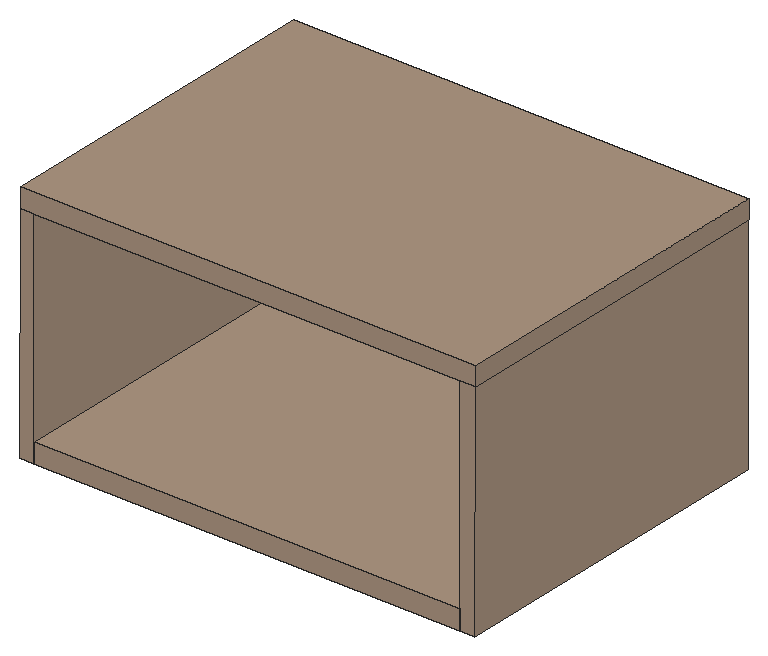
Revit family "Storage-Teknion-PLACW_Add_On_Storage_Cabinet_Wood-R2015", category Furniture, Revit 2015
Parameters (values of type "On Top of Storage")
  Top Thickness (inverse) = -Top Thickness  # 1.0157"
  Top Thickness = -1.0157"  # constant formula
  Restriction Notice [instance] = "Please refer to Filing and Storage Application Guide for proper use restrictions"  # constant formula
  Insertion Note [instance] = "Always Pick The Top of the Worksurface/Storage Unit"  # constant formula
  Has Shelf [instance] = if(Below Worksurface, ActualHeight > 19.0000", AddonHeight > 19.0000")  # no
  Default Elevation = 48.0000"
  Case Finish [instance] = Foundation Laminate - Teknion - YA - Anigre
  AddonHeight [instance] = if(and(Above Worksurface, Datum Height = 48.0000", Height = 27.0000"), 19.8000", if(and(Above Worksurface, Datum Height = 48.0000", Height = 35.0000"), 11.8000", if(and(Above Worksurface, Datum Height = 40.0000", Height = 27.0000"), 11.8000", if(and(Below Worksurface, Datum Height = 40.0000", Height = 18.0000"), 22.4000", if(and(Below Worksurface, Datum Height = 40.0000", Height = 21.0000"), 19.2000", if(and(Below Worksurface, Datum Height = 40.0000", Height = 27.0000"), 12.8000", if(and(Below Worksurface, Datum Height = 35.0000", Height = 18.0000"), 17.6000", if(and(Below Worksurface, Datum Height = 35.0000", Height = 21.0000"), 14.4000", if(and(Below Worksurface, Datum Height = 35.0000", Height = 27.0000"), 8.0000", if(and(Below Worksurface, Datum Height = 27.0000", Height = 18.0000"), 9.6000", if(and(On Top of Storage, Datum Height = 48.0000", Height = 18.0000"), 30.4000", if(and(On Top of Storage, Datum Height = 48.0000", Height = 21.0000"), 27.2000", if(and(On Top of Storage, Datum Height = 48.0000", Height = 27.0000"), 20.8000", if(and(On Top of Storage, Datum Height = 48.0000", Height = 35.0000"), 12.8000", if(and(On Top of Storage, Datum Height = 48.0000", Height = 40.0000"), 8.0000", if(and(On Top of Storage, Datum Height = 40.0000", Height = 18.0000"), 22.4000", if(and(On Top of Storage, Datum Height = 40.0000", Height = 21.0000"), 19.2000", 12.8000")))))))))))))))))  # 12.8000"
  Width [instance] = 24.0000"
  Warranty = "http://www.teknion.com/ca/papers/legal-canada"
  Unit Weight URL = "http://www.teknion.com/ca/tools/assets#&asset=bee6a381-b954-425e-8283-5a2de3a804f2,f828d448-4b62-4231-9e5f-9a8991c0ed77"
  URL = "www.teknion.com"
  Sustainability Data = "http://www.teknion.com/ca/tools/assets#&topic=216f99a5-57a0-44fc-b10a-9dee9b29ae4c&asset=444deb64-fe58-4b68-981e-f75e97781df7"
  Series = "Ledger Plus"  # constant formula
  Product Page URL = "http://www.teknion.com/ca/products/product-details?productlineid=1293336e-8e7a-673b-a6c8-ff00004460c4"
  Product Line = "Filing & Storage"  # constant formula
  Product Documentation Link = "http://www.teknion.com/pricing/filing-storage/pdfs/PLACW_ppg.pdf"
  Part Number = "PLACW"  # constant formula
  On Top of Storage = yes
  Model = "PLACWC_"
  Manufacturer Phone = "416-661-3370"  # constant formula
  Manufacturer Fax = "416.661.4586"  # constant formula
  Manufacturer Contact Information = "http://www.teknion.com/ca/contactus"
  Manufacturer Address = "1150 Flint Road, Toronto, ON. M3J 2J5. Canada"  # constant formula
  Manufacturer = "Teknion"  # constant formula
  Height [instance] = 27.0000"
  Description = "Add-On Storage Cabinet - Wood -On Top of Storage"
  Depth [instance] = 18.0000"
  Datum Height [instance] = 40.0000"
  Below Worksurface = no
  Available Width [instance] = "24, 30, 36, & 42 Inches"  # constant formula
  Available Supporting Cabinet Height [instance] = if(Above Worksurface, "35, & 27 Inches", if(Below Worksurface, "18, 21, & 27 Inches", "18, 21, 27, 35, & 40 Inches"))  # "18, 21, 27, 35, & 40 Inches"
  Available Datum Height [instance] = if(Above Worksurface, "48, & 40 Inches", if(Below Worksurface, "40, 35, & 27 Inches", "48, & 40 Inches"))  # "48, & 40 Inches"
  Available Depths [instance] = "18, & 20 Inches"  # constant formula
  Assembly Code = "E2020200"
  ActualHeight [instance] = if(Below Worksurface, 1.0000" + AddonHeight, 0.0000")  # 0.0000"
  Above Worksurface = no
Types (4): name | AddonHeight | On Top of Storage | Model | Description | Below Worksurface | Available Supporting Cabinet Height | Available Datum Height | ActualHeight | Above Worksurface
  (no name) | 12.8000" | yes | "PLACWC_" | "Add-On Storage Cabinet - Wood -On Top of Storage" | no | "18, 21, 27, 35, & 40 Inches" | "48, & 40 Inches" | 0.0000" | no
  Above Worksurface | 11.8000" | no | "PLACWA_" | "Add-On Storage Cabinet - Wood - Above Worksurface" | no | "35, & 27 Inches" | "48, & 40 Inches" | 0.0000" | yes
  Below Worksurface | 12.8000" | no | "PLACWB_" | "Add-On Storage Cabinet - Wood - Below Worksurface" | yes | "18, 21, & 27 Inches" | "40, 35, & 27 Inches" | 13.8000" | no
  On Top of Storage | 12.8000" | yes | "PLACWC_" | "Add-On Storage Cabinet - Wood -On Top of Storage" | no | "18, 21, 27, 35, & 40 Inches" | "48, & 40 Inches" | 0.0000" | no
Reference planes (in)
  plane 1 "Center Front/Back": y = 0
  plane 2: z = 0
  plane 3 "Center Left/Right": x = 0
  plane 4 "Left": x = -12
  plane 5 "Right": x = 12
  plane 6 "Back": y = 9
  plane 7 "Front": y = -9
  plane 8 "Top": z = 12.8
  plane 9 "PRINCIPLE BOTTOM": z = 0
  plane 10 "Shelf Height": z = 8
  plane 11: z = 11.7843
Forms (in)
  Extrusion 1, solid, material "Foundation Laminate - Teknion - YA - Anigre" <- "Case Finish"
    sketch origin (0, 0, 0) x (-1, 0, 0) y (0, -1, 0)
      loop
        line (12, -9) -> (12, 9) -> (11.2992, 9) -> (11.2992, -9) -> (12, -9)
    from 0 to 11.7843
  Extrusion 2, solid, material "Foundation Laminate - Teknion - YA - Anigre" <- "Case Finish"
    sketch origin (0, 0, 0) x (-1, 0, 0) y (0, -1, 0)
      loop
        line (-11.1993, -9) -> (-11.1993, 9) -> (-12, 9) -> (-12, -9) -> (-11.1993, -9)
    from 0 to 11.7843
  Extrusion 3, solid, material "Foundation Laminate - Teknion - YA - Anigre" <- "Case Finish"
    sketch origin (0, 0, 0) x (-1, 0, 0) y (0, -1, 0)
      loop
        line (11.2992, -9) -> (11.2992, 9) -> (-11.1993, 9) -> (-11.1993, -9) -> (11.2992, -9)
    from 0 to 1.0157
  Extrusion 4, solid, material "Foundation Laminate - Teknion - YA - Anigre" <- "Case Finish"
    sketch origin (0, 0, 0) x (-1, 0, 0) y (0, -1, 0)
      loop
        line (11.2992, -9) -> (11.2992, -8.3125) -> (-11.1993, -8.3125) -> (-11.1993, -9) -> (11.2992, -9)
    from 1.0157 to 11.7843
  Extrusion 5, solid, material "Foundation Laminate - Teknion - YA - Anigre" <- "Case Finish", visible <- "Has Shelf"
    sketch origin (0, 0, 8) x (-1, 0, 0) y (0, -1, 0)
      loop
        line (11.2992, -8.3125) -> (11.2992, 8.1732) -> (-11.1993, 8.1732) -> (-11.1993, -8.3125) -> (11.2992, -8.3125)
    from 0 to -1.0157 <- "Top Thickness"
  Extrusion 6, solid, material "Foundation Laminate - Teknion - YA - Anigre" <- "Case Finish"
    sketch origin (0, 0, 12.8) x (-1, 0, 0) y (0, -1, 0)
      loop
        line (12, -9) -> (12, 9) -> (-12, 9) -> (-12, -9) -> (12, -9)
    from 0 to -1.0157 <- "Top Thickness"
Lines and regions (in)
  Masking region 1
    outline origin (0, 0, 0) x (-1, 0, 0) y (0, -1, 0)
      loop
        line (12, -9) -> (12, 9) -> (-12, 9) -> (-12, -9) -> (12, -9)
  symbolic lines, style "FurnitureHiddenLines", detail levels medium+fine
    curve 1: line (-11.2992, 9, 0) -> (-11.2992, -9, 0)
    curve 2: line (-11.2992, -8.1732, 0) -> (11.1993, -8.1732, 0)
    curve 3: line (11.1993, -9, 0) -> (11.1993, 9, 0)
    curve 4: line (-11.2992, 8.3125, 0) -> (11.1993, 8.3125, 0)
  reference lines, not visible
    curve 5: line (-12, 9, 0) -> (-12, -9, 0)
    curve 6: line (-12, -9, 0) -> (12, -9, 0)
    curve 7: line (12, -9, 0) -> (12, 9, 0)
    curve 8: line (12, 9, 0) -> (-12, 9, 0)
Dimensions and locks (in)
  "Width": plane 4 "Left" to plane 5 "Right"
  "Depth": plane 6 "Back" to plane 7 "Front"
  "ActualHeight": level to plane 9 "PRINCIPLE BOTTOM"
  equal spacing: plane 6 "Back", plane 1 "Center Front/Back", plane 7 "Front"
  equal spacing: plane 4 "Left", plane 3 "Center Left/Right", plane 5 "Right"
  "AddonHeight": plane 8 "Top" to plane 9 "PRINCIPLE BOTTOM"
  locked: Extrusion 1 sketch curve to Extrusion 1 sketch curve at 0.7008
  locked: Extrusion 2 sketch curve to Extrusion 2 sketch curve at 0.8007
  locked: Extrusion 3 to Extrusion 4 sketch curve at 0.6875
  locked: plane 10 "Shelf Height" to plane 9 "PRINCIPLE BOTTOM" at 8
  locked: plane 7 "Front" to Extrusion 5 sketch curve at 0.8268
  "Top Thickness (inverse)": plane 8 "Top" to plane 11
  aligned and locked: level to plane 2
  aligned and locked: Extrusion 1 sketch curve to plane 6 "Back"
  aligned and locked: plane 4 "Left" to Extrusion 1 sketch curve
  aligned and locked: Extrusion 1 sketch curve to plane 7 "Front"
  aligned and locked: plane 5 "Right" to Extrusion 2 sketch curve
  aligned and locked: Extrusion 2 sketch curve to plane 6 "Back"
  aligned and locked: Extrusion 2 sketch curve to plane 7 "Front"
  aligned and locked: Extrusion 3 sketch curve to plane 6 "Back"
  aligned and locked: Extrusion 3 sketch curve to Extrusion 1
  aligned and locked: Extrusion 3 sketch curve to plane 7 "Front"
  aligned and locked: Extrusion 3 sketch curve to Extrusion 2
  aligned and locked: Extrusion 4 sketch curve to plane 6 "Back"
  aligned and locked: Extrusion 4 sketch curve to Extrusion 2
  aligned and locked: Extrusion 1 to Extrusion 4 sketch curve
  aligned and locked: Extrusion 1 to Extrusion 4
  aligned and locked: Extrusion 1 to Extrusion 2
  aligned and locked: Extrusion 1 to Extrusion 5 sketch curve
  aligned and locked: Extrusion 5 sketch curve to Extrusion 4
  aligned and locked: plane 11 to Extrusion 4
  aligned and locked: plane 4 "Left" to Extrusion 6 sketch curve
  aligned and locked: Extrusion 6 sketch curve to plane 6 "Back"
  aligned and locked: plane 5 "Right" to Extrusion 6 sketch curve
  aligned and locked: Extrusion 6 sketch curve to plane 7 "Front"
  aligned and locked: plane 5 "Right" to Masking region 1 sketch curve
  aligned and locked: plane 4 "Left" to Masking region 1 sketch curve
  aligned and locked: Masking region 1 sketch curve to plane 7 "Front"
  aligned and locked: curve 4 to Extrusion 4
  aligned and locked: curve 3 to Extrusion 2
  aligned and locked: curve 1 to Extrusion 1
  aligned and locked: curve 5 to plane 4 "Left"
  aligned and locked: curve 7 to plane 5 "Right"
  aligned and locked: plane 6 "Back" to curve 8
  aligned and locked: plane 7 "Front" to curve 6
  aligned and locked: plane 8 "Top" to Extrusion 6
  aligned and locked: Extrusion 1 to plane 9 "PRINCIPLE BOTTOM"
  aligned and locked: Extrusion 3 to plane 9 "PRINCIPLE BOTTOM"
  aligned and locked: Extrusion 2 to plane 9 "PRINCIPLE BOTTOM"
  aligned and locked: Extrusion 4 to Extrusion 3
  aligned and locked: plane 10 "Shelf Height" to Extrusion 5
  aligned and locked: Extrusion 5 to Extrusion 2
Automatic sketch dimensions
  plane 5 "Right" to Extrusion 5 sketch curve = 0.8007"
  Masking region 1 sketch curve to plane 6 "Back" = 0.0000"
  curve 3 to plane 6 "Back" = 0.0000"
  curve 1 to plane 6 "Back" = 0.0000"
  plane 7 "Front" to curve 3 = 0.0000"
  plane 7 "Front" to curve 1 = 0.0000"
  curve 2 to plane 7 "Front" = 0.8268"
